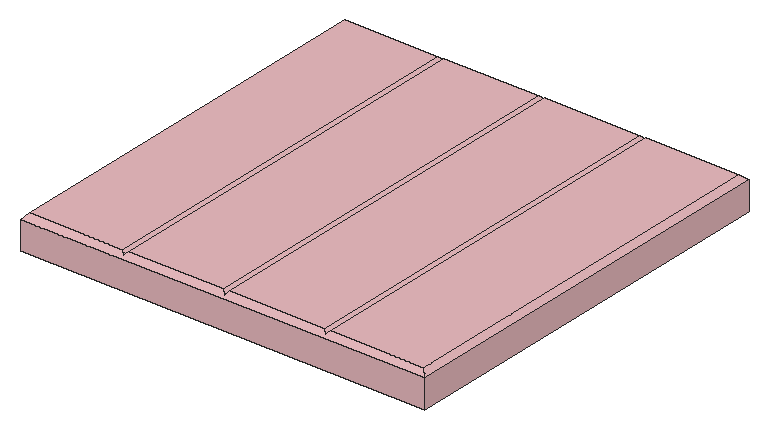
Revit family "LONGITUDE 2ft x 2ft", category Specialty Equipment, Revit 2023
Family settings
  Round Connector Dimension = Use Diameter
  Part Type = Normal
  OmniClass Number = 23.35.00.00
  OmniClass Title = Covering, Cladding, and Finishes
  Work Plane-Based = Yes
  Enable Cutting in Views = Yes
  Always vertical = No
  Cut with Voids When Loaded = No
  Maintain Annotation Orientation = No
  Shared = No
  Room Calculation Point = No
Parameters (values of type "2 INCH THICK - CUSTOM PAINTED - STANDARD")
  URL = "https://www.acousticalsurfaces.com/envirocoustic-wood-wool/designs/"
  Type Comments = "Acoustic panels for vertical and horizontal surfaces"
  Thickness = 0' - 2"
  Recycled Content Percentage = "0%"
  Model = "Envirocoustic Wood Wool"
  Material = "Envirocoustic Wood Wool"
  Manufacturer = "Acoustical Surfaces, Inc."
  Fire Rating = "ASTM E84 - Class A"
  Finish = Paint - Acoustical-Surfaces - Custom Painted
  Description = "Acoustic Panels"
  Default Elevation = 0' - 0"
  Backer Thickness = 0' - 1"
  Backer = no
  Assembly Code = "C30"
  Acoustics - NRC = "Sound absorption varies from NRC 0.45 to 0.95 based on installation method used when tested per ASTM C423."
Types (27): name | Thickness | Finish | Backer Thickness | Backer
  2 INCH THICK - CUSTOM PAINTED - STANDARD | 0' - 2" | Paint - Acoustical-Surfaces - Custom Painted | 0' - 1" | no
  2 INCH THICK - PRIMED WHITE - STANDARD | 0' - 2" | Paint - Acoustical-Surfaces - Primed White | 0' - 1" | no
  2 INCH THICK - PRIMED CLEAR - STANDARD | 0' - 2" | Paint - Acoustical-Surfaces - Primed Clear | 0' - 1" | no
  2 INCH THICK - PRIMED WHITE - 2 INCH CFAB BACKER | 0' - 2" | Paint - Acoustical-Surfaces - Primed White | 0' - 2" | yes
  2 INCH THICK - PRIMED WHITE - 1 INCH CFAB BACKER | 0' - 2" | Paint - Acoustical-Surfaces - Primed White | 0' - 1" | yes
  2 INCH THICK - PRIMED CLEAR - 2 INCH CFAB BACKER | 0' - 2" | Paint - Acoustical-Surfaces - Primed Clear | 0' - 2" | yes
  2 INCH THICK - PRIMED CLEAR - 1 INCH CFAB BACKER | 0' - 2" | Paint - Acoustical-Surfaces - Primed Clear | 0' - 1" | yes
  2 INCH THICK - CUSTOM PAINTED - 2 INCH CFAB BACKER | 0' - 2" | Paint - Acoustical-Surfaces - Custom Painted | 0' - 2" | yes
  2 INCH THICK - CUSTOM PAINTED - 1 INCH CFAB BACKER | 0' - 2" | Paint - Acoustical-Surfaces - Custom Painted | 0' - 1" | yes
  1-3/8 INCH THICK - CUSTOM PAINTED - STANDARD | 0' - 1 3/8" | Paint - Acoustical-Surfaces - Custom Painted | 0' - 1" | no
  1-3/8 INCH THICK - PRIMED WHITE - STANDARD | 0' - 1 3/8" | Paint - Acoustical-Surfaces - Primed White | 0' - 1" | no
  1-3/8 INCH THICK - PRIMED CLEAR - STANDARD | 0' - 1 3/8" | Paint - Acoustical-Surfaces - Primed Clear | 0' - 1" | no
  1-3/8 INCH THICK - PRIMED WHITE - 2 INCH CFAB BACKER | 0' - 1 3/8" | Paint - Acoustical-Surfaces - Primed White | 0' - 2" | yes
  1-3/8 INCH THICK - PRIMED WHITE - 1 INCH CFAB BACKER | 0' - 1 3/8" | Paint - Acoustical-Surfaces - Primed White | 0' - 1" | yes
  1-3/8 INCH THICK - PRIMED CLEAR - 2 INCH CFAB BACKER | 0' - 1 3/8" | Paint - Acoustical-Surfaces - Primed Clear | 0' - 2" | yes
  1-3/8 INCH THICK - PRIMED CLEAR - 1 INCH CFAB BACKER | 0' - 1 3/8" | Paint - Acoustical-Surfaces - Primed Clear | 0' - 1" | yes
  1-3/8 INCH THICK - CUSTOM PAINTED - 2 INCH CFAB BACKER | 0' - 1 3/8" | Paint - Acoustical-Surfaces - Custom Painted | 0' - 2" | yes
  1-3/8 INCH THICK - CUSTOM PAINTED - 1 INCH CFAB BACKER | 0' - 1 3/8" | Paint - Acoustical-Surfaces - Custom Painted | 0' - 1" | yes
  1 INCH THICK - CUSTOM PAINTED - STANDARD | 0' - 1" | Paint - Acoustical-Surfaces - Custom Painted | 0' - 1" | no
  1 INCH THICK - PRIMED WHITE - STANDARD | 0' - 1" | Paint - Acoustical-Surfaces - Primed White | 0' - 1" | no
  1 INCH THICK - PRIMED CLEAR - STANDARD | 0' - 1" | Paint - Acoustical-Surfaces - Primed Clear | 0' - 1" | no
  1 INCH THICK - PRIMED WHITE - 2 INCH CFAB BACKER | 0' - 1" | Paint - Acoustical-Surfaces - Primed White | 0' - 2" | yes
  1 INCH THICK - PRIMED WHITE - 1 INCH CFAB BACKER | 0' - 1" | Paint - Acoustical-Surfaces - Primed White | 0' - 1" | yes
  1 INCH THICK - PRIMED CLEAR - 2 INCH CFAB BACKER | 0' - 1" | Paint - Acoustical-Surfaces - Primed Clear | 0' - 2" | yes
  1 INCH THICK - PRIMED CLEAR - 1 INCH CFAB BACKER | 0' - 1" | Paint - Acoustical-Surfaces - Primed Clear | 0' - 1" | yes
  1 INCH THICK - CUSTOM PAINTED - 2 INCH CFAB BACKER | 0' - 1" | Paint - Acoustical-Surfaces - Custom Painted | 0' - 2" | yes
  1 INCH THICK - CUSTOM PAINTED - 1 INCH CFAB BACKER | 0' - 1" | Paint - Acoustical-Surfaces - Custom Painted | 0' - 1" | yes
Reference planes (in)
  plane 1 "Center (Front/Back)": y = 0
  plane 2: z = 0
  plane 3 "Center (Left/Right)": x = 0
  plane 4: x = -12
  plane 5: x = 12
  plane 6: y = 12
  plane 7: y = -12
  plane 8: z = 2
  plane 9: z = -1
Forms (in)
  Extrusion 1, solid, material "Paint - Acoustical-Surfaces - Custom Painted" <- "Finish"
    sketch origin (0, 0, 0) x (1, 0, 0) y (0, 1, 0)
      loop
        line (12, 12) -> (-12, 12) -> (-12, -12) -> (12, -12) -> (12, 12)
    from 0 to 2
  Sweep 2, void
    path in 3D
      loop
        line (12, 12, 2) -> (-12, 12, 2) -> (-12, -12, 2) -> (12, -12, 2) -> (12, 12, 2)
    profile "Triangle : Family2" origin (12, 0, 2) x (-1, 0, 0) y (0, 0, 1)
      loop
        line (0, 0) -> (0, -0.315) -> (0.315, 0) -> (0, 0)
  Extrusion 3, solid, visible <- "Backer"
    sketch origin (0, 0, 0) x (1, 0, 0) y (0, 1, 0)
      loop
        line (12, 12) -> (-12, 12) -> (-12, -12) -> (12, -12) -> (12, 12)
    from 0 to -1
  Sweep 4, void
    path origin (0, 0, 2) x (1, 0, 0) y (0, 1, 0)
      loop
        line (-6.00002, 12) -> (-6.00002, -12)
    profile "Groove : Family2" origin (-6.00002, 0, 2) x (1, 0, 0) y (0, 0, 1)
      loop
        line (-0.1575, 0) -> (0, -0.1575) -> (0.1575, 0) -> (-0.1575, 0)
  Sweep 5, void
    path origin (6.00002, 0, 2) x (1, 0, 0) y (0, 1, 0)
      loop
        line (-6.00002, 12) -> (-6.00002, -12)
    profile "Groove : Family2" origin (0, 0, 2) x (1, 0, 0) y (0, 0, 1)
      loop
        line (-0.1575, 0) -> (0, -0.1575) -> (0.1575, 0) -> (-0.1575, 0)
  Sweep 6, void
    path origin (12.00004, 0, 2) x (1, 0, 0) y (0, 1, 0)
      loop
        line (-6.00002, 12) -> (-6.00002, -12)
    profile "Groove : Family2" origin (6.00002, 0, 2) x (1, 0, 0) y (0, 0, 1)
      loop
        line (-0.1575, 0) -> (0, -0.1575) -> (0.1575, 0) -> (-0.1575, 0)
Cuts and joins
  Sweep 2, Sweep 4, Sweep 5, Sweep 6 cuts Extrusion 1
Lines and regions (in)
  sketch lines
    curve 1: line (12, -12, 2) -> (12, 12, 2)
    curve 2: line (-12, -12, 2) -> (12, -12, 2)
    curve 3: line (-12, 12, 2) -> (-12, -12, 2)
    curve 4: line (12, 12, 2) -> (-12, 12, 2)
Dimensions and locks (in)
  equal spacing: plane 4, plane 3 "Center (Left/Right)", plane 5
  equal spacing: plane 7, plane 1 "Center (Front/Back)", plane 6
  plane 7 to plane 6 = 2' - 0"
  locked: plane 4 to plane 5 at 24
  "Thickness": plane 8 to level
  "Backer Thickness": level to plane 9
  aligned and locked: level to plane 2
  aligned and locked: Extrusion 1 sketch curve to plane 4
  aligned and locked: plane 5 to Extrusion 1 sketch curve
  aligned and locked: Extrusion 1 sketch curve to plane 6
  aligned and locked: Extrusion 1 sketch curve to plane 7
  aligned and locked: Extrusion 1 to plane 8
  aligned and locked: Extrusion 3 sketch curve to plane 4
  aligned and locked: plane 5 to Extrusion 3 sketch curve
  aligned and locked: Extrusion 3 sketch curve to plane 6
  aligned and locked: Extrusion 3 sketch curve to plane 7
  aligned and locked: plane 9 to Extrusion 3
Automatic sketch dimensions
  Extrusion 1 to Sweep 4 sketch curve = 0' - 0"
  Sweep 4 sketch curve to Extrusion 1 = 0' - 0"
  Sweep 4 sketch curve to Extrusion 1 = 0' - 6"
  Extrusion 1 to Sweep 5 sketch curve = 0' - 0"
  Sweep 5 sketch curve to Extrusion 1 = 0' - 0"
  Sweep 5 sketch curve to Extrusion 1 = 1' - 0"
  Extrusion 1 to Sweep 6 sketch curve = 0' - 0"
  Sweep 6 sketch curve to Extrusion 1 = 0' - 0"
  Sweep 6 sketch curve to Extrusion 1 = 0' - 5.99998"
